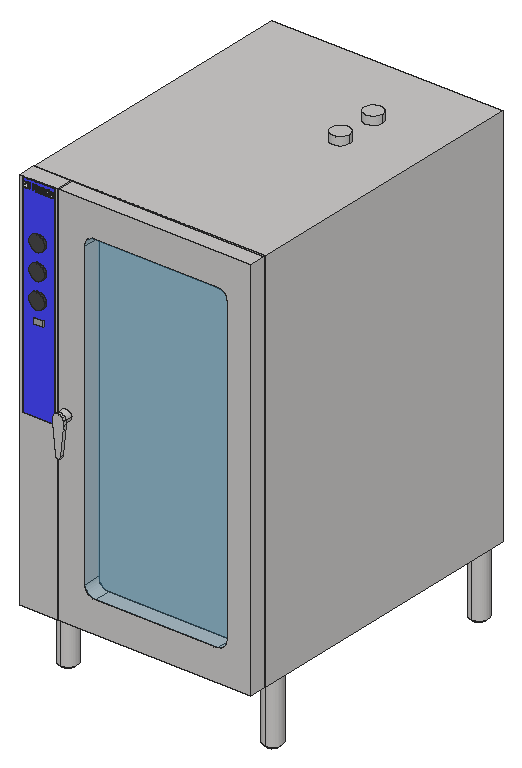
Revit family "QF_ELECTROLUXPROFESSIONAL_260710_ECF202ENS", category Specialty Equipment, Revit 2018
Family settings
  Round Connector Dimension = Use Diameter
  Part Type = Normal
  Work Plane-Based = No
  Always vertical = Yes
  Cut with Voids When Loaded = No
  Shared = No
  Room Calculation Point = No
Parameters
  Weight = 271.40 kg
  Watts = 0 W
  Volts = 0 V
  URL Manufacturer = ""
  URL = ""
  Steam Supply Size = 0 mm
  Steam Supply Minimum Pressure = 0.0 Pa
  Steam Supply Maximum Pressure = 0.0 Pa
  Steam Pounds per Hour = 0
  Refrigeration Suction Line Size = 0 mm
  Refrigeration Liquid Line Size = 0 mm
  Refrigerant Compressor Remote = yes
  Manufacturer = ""
  Phase = 0
  Model = ""
  Length Actual = 890 mm  # constant formula
  Item Number = ""
  Hot Water Size = 0 mm
  Height Actual = 1700 mm  # constant formula
  HP = "65.6 HP"
  Gas Size = 0 mm
  Gas KW = 0
  Gas Input Pressure = 0 W
  Direct Waste Size = 25 mm
  Description = ""
  Depth Actual = 1215 mm  # constant formula
  Cycle = 0 Hz
  Condensate Return Size = 0 mm
  Compressed Air Volume = 0.0 L/s
  Compressed Air Size = 0 mm
  Compressed Air Pressure = 0.0 Pa
  Cold Water Size = 0 mm
  Accessory = yes
Types (2, lengths in mm): name | Volts | URL Manufacturer | URL | Manufacturer | Phase | Model | Item Number | Description | Cycle | Cold Water Size
  (no name) | 0 V | "" | "" | "" | 0 | "" | "" | "" | 0 Hz | 0
  Standard | 380 V | "http://professional.electrolux.com" | "http://professional.electrolux.com" | "Electrolux Professional" | 3 | "ECF202ENS" | "260710" | "EL.CONVECTION OVEN 20 GN 2/1,CROSS-WISE-60HZ" | 60 Hz | 19.05
Reference planes
  plane 1 "Center (Front/Back)": y = 295
  plane 2: z = 0
  plane 3 "Center (Left/Right)": x = 0
  plane 4 "TOP": z = 1750
  plane 5 "FRONT": y = -312.5
  plane 6 "BACK": y = 902.5
  plane 7 "LEFT": x = -445
  plane 8 "RIGHT": x = 445
  plane 9 "BASE": z = 260
  plane 10: y = -247.5
  plane 11 "DrainX": y = 687.5
  plane 12 "DrainY": x = -110
  plane 13 "CWI_Y": x = -360
  plane 14 "CWI_X": y = 302.5
  plane 15 "FbY": y = 852.5
  plane 16 "FfY": y = -143.5
  plane 17 "FLr": x = 395
  plane 18 "FLx": x = -395
  plane 19 "EIy": x = -360
  plane 20 "EIx": y = -67.5
  plane 21: x = 175
  plane 22: y = 617.5
  plane 23: y = 457.5
Forms (mm)
  Extrusion 1, solid, material "QF_Finishes_Stainless Steel"
    sketch origin (0, 0, 0) x (1, 0, 0) y (0, 1, 0)
      loop
        line (-445, 902.5) -> (-445, -240.5) -> (445, -240.5) -> (445, 902.5) -> (-445, 902.5)
    from 260 to 1750
  Extrusion 2, solid, material "QF_Finishes_Stainless Steel"
    sketch origin (0, 0, 260) x (-1, 0, 0) y (0, -1, 0)
      loop
        circle (360, 67.73) r 10
    from 0 to -3.2
  Extrusion 3, void
    sketch origin (0, 902.5, 0) x (-1, 0, 0) y (0, 0, 1)
      loop
        line (385, 1700) -> (-385, 1700) -> (-385, 343.452) -> (385, 343.452) -> (385, 1700)
    from -59 to -900
  Extrusion 4, solid, material "QF_Finishes_Stainless Steel"
    sketch origin (0, 0, 260) x (-1, 0, 0) y (0, -1, 0)
      loop
        circle (110, -687.5) r 16.5
    from -2 to 0
  Extrusion 5, solid, material "QF_Finishes_Stainless Steel"
    sketch origin (0, 0, 260) x (-1, 0, 0) y (0, -1, 0)
      loop
        circle (360, -302.5) r 16.5
    from -2 to 0
  Extrusion 6, solid, material "QF_Finishes_Stainless Steel"
    sketch origin (0, 0, 260) x (-1, 0, 0) y (0, -1, 0)
      loop
        line (300, 312.5) -> (300, 247.5) -> (445, 247.5) -> (445, 312.5) -> (300, 312.5)
    from 1490 to 0
  Extrusion 7, solid, material "QF_Finishes_Stainless Steel"
    sketch origin (0, 0, 0) x (0, 1, 0) y (-1, 0, 0)
      loop
        circle (852.5, -395) r 25
      loop
        circle (-143.5, -395) r 25
      loop
        circle (-143.5, 395) r 25
      loop
        circle (852.5, 395) r 25
    from 10 to 0
  Extrusion 8, solid, material "QF_Finishes_Stainless Steel"
    sketch origin (0, 0, 0) x (0, 1, 0) y (-1, 0, 0)
      loop
        circle (852.5, -395) r 35
      loop
        circle (-143.5, -395) r 35
      loop
        circle (-143.5, 395) r 35
      loop
        circle (852.5, 395) r 35
    from 10 to 260
  Extrusion 9, solid, material "QF_Finishes_Stainless Steel"
    sketch origin (0, 0, 1750) x (-1, 0, 0) y (0, -1, 0)
      loop
        circle (-175, -617.5) r 35
    from 30 to 0
  Extrusion 10, solid, material "QF_Finishes_Black"
    sketch origin (0, -312.5, 0) x (-1, 0, 0) y (0, 0, 1)
      loop
        circle (375, 1540) r 30
      loop
        circle (375, 1440) r 30
      loop
        circle (375, 1340) r 30
    from 0 to -7
  Extrusion 11, solid, material "QF_Finishes_Gray"
    sketch origin (0, -312.5, 660) x (-1, 0, 0) y (0, 0, 1)
      loop
        line (355, 595) -> (390, 595) -> (390, 615) -> (355, 615) -> (355, 595)
    from -1.6 to 0
  Extrusion 12, solid, material "QF_Finishes_White"
    sketch origin (0, -312.5, 0) x (-1, 0, 0) y (0, 0, 1)
      loop
        arc (416.043, 1733.92) -> (408.726, 1724.022) -> (416.043, 1714.125) r 10.352
        line (416.043, 1714.125) -> (416.043, 1733.92)
      loop
        line (417.05, 1733.92) -> (417.05, 1732.486)
        arc (417.05, 1732.486) -> (420.124, 1726.971) -> (425.974, 1724.596) r 9.509
        line (425.974, 1724.596) -> (429.249, 1724.596)
        arc (429.249, 1724.596) -> (425.282, 1732.049) -> (417.05, 1733.92) r 10.145
      loop
        line (417.05, 1715.558) -> (417.05, 1713.871)
        arc (417.05, 1713.871) -> (425.289, 1715.935) -> (429.249, 1723.449) r 10.411
        line (429.249, 1723.449) -> (425.974, 1723.449)
        arc (425.974, 1723.449) -> (420.124, 1721.074) -> (417.05, 1715.558) r 9.509
      loop
        line (430, 1735) -> (407.97, 1735) -> (407.97, 1713) -> (430, 1713) -> (430, 1735)
    from 0 to -1.6
  Extrusion 13, solid, material "QF_Finishes_Stainless Steel"
    sketch origin (20, -312.5, 185) x (-1, 0, 0) y (0, 0, 1)
      loop
        circle (287.5, 795) r 20
    from 0 to -28
  Extrusion 14, solid, material "QF_Finishes_Stainless Steel"
    sketch origin (15, -312.5, 185) x (-1, 0, 0) y (0, 0, 1)
      loop
        arc (302.5, 795) -> (282.5, 815) -> (262.5, 795) r 20
        line (262.5, 795) -> (262.5, 780) -> (272.087, 670.419)
        arc (272.087, 670.419) -> (282.5, 660.006) -> (292.913, 670.419) r 10.413
        line (292.913, 670.419) -> (302.5, 780) -> (302.5, 795)
    from -28 to -38
  Extrusion 15, solid, material "Glass"
    sketch origin (1, -312.5, 0) x (-1, 0, 0) y (0, 0, 1)
      loop
        line (-314, 380) -> (156, 380)
        arc (156, 380) -> (184.284, 391.716) -> (196, 420) r 40
        line (196, 420) -> (196, 1590)
        arc (196, 1590) -> (184.284, 1618.284) -> (156, 1630) r 40
        line (156, 1630) -> (-314, 1630)
        arc (-314, 1630) -> (-342.284, 1618.284) -> (-354, 1590) r 40
        line (-354, 1590) -> (-354, 420)
        arc (-354, 420) -> (-342.284, 391.716) -> (-314, 380) r 40
    from 1.6 to 0
  Extrusion 16, solid, material "Glass"
    sketch origin (1, -312.5, 0) x (-1, 0, 0) y (0, 0, 1)
      loop
        line (-314, 380) -> (156, 380)
        arc (156, 380) -> (184.284, 391.716) -> (196, 420) r 40
        line (196, 420) -> (196, 1590)
        arc (196, 1590) -> (184.284, 1618.284) -> (156, 1630) r 40
        line (156, 1630) -> (-314, 1630)
        arc (-314, 1630) -> (-342.284, 1618.284) -> (-354, 1590) r 40
        line (-354, 1590) -> (-354, 420)
        arc (-354, 420) -> (-342.284, 391.716) -> (-314, 380) r 40
    from 65 to 63
  Extrusion 17, solid, material "QF_Finishes_Stainless Steel"
    sketch origin (-18, -312.5, 0) x (-1, 0, 0) y (0, 0, 1)
      loop
        line (-463, 1750) -> (-463, 260) -> (282, 260) -> (282, 1750) -> (-463, 1750)
      loop
        line (-373, 1590) -> (-373, 420)
        arc (-373, 420) -> (-361.284, 391.716) -> (-333, 380) r 40
        line (-333, 380) -> (137, 380)
        arc (137, 380) -> (165.284, 391.716) -> (177, 420) r 40
        line (177, 420) -> (177, 1590)
        arc (177, 1590) -> (165.284, 1618.284) -> (137, 1630) r 40
        line (137, 1630) -> (-333, 1630)
        arc (-333, 1630) -> (-361.284, 1618.284) -> (-373, 1590) r 40
    from 65 to 0
  Extrusion 18, solid, material "QF_Finishes_Stainless Steel"
    sketch origin (0, -160, 1750) x (-1, 0, 0) y (0, -1, 0)
      loop
        circle (-175, -617.5) r 35
    from 30 to 0
  Extrusion 19, void
    sketch origin (0.5, -312.5, 80) x (-1, 0, 0) y (0, 0, 1)
      loop
        line (435.5, 853) -> (435.5, 1667) -> (310.5, 1667) -> (310.5, 853) -> (435.5, 853)
    from 0 to 5
  Extrusion 20, solid, material "QF_Finishes_Blue"
    sketch origin (0, -312.5, 0) x (-1, 0, 0) y (0, 0, 1)
      loop
        line (435, 933) -> (435, 1747) -> (310, 1747) -> (310, 933) -> (435, 933)
    from 5 to 0
  Extrusion 21, solid, material "QF_Finishes_White"
    sketch origin (0, -312.5, 80) x (-1, 0, 0) y (0, 0, 1)
      loop
        line (383.252, 1654.787) -> (383.252, 1652.843) -> (393.622, 1652.843) -> (393.622, 1650.005) -> (383.574, 1650.005) -> (383.574, 1648.055) -> (393.622, 1648.055) -> (393.622, 1646.338)
        arc (393.622, 1646.338) -> (393.097, 1645.146) -> (391.863, 1644.729) r 1.615
        line (391.863, 1644.729) -> (383.108, 1644.729) -> (383.108, 1642.787) -> (392.347, 1642.787)
        arc (392.347, 1642.787) -> (394.71, 1643.765) -> (395.688, 1646.128) r 3.341
        line (395.688, 1646.128) -> (395.688, 1654.787) -> (383.252, 1654.787)
      loop
        line (381.64, 1654.787) -> (379.573, 1654.787) -> (379.573, 1642.787) -> (381.64, 1642.787) -> (381.64, 1654.787)
      loop
        line (336.748, 1654.787) -> (334.68, 1654.787) -> (334.68, 1642.787) -> (336.748, 1642.787) -> (336.748, 1654.787)
      loop
        arc (376.155, 1646.619) -> (375.764, 1645.308) -> (374.625, 1644.549) r 2.013
        arc (374.625, 1644.549) -> (372.758, 1644.387) -> (371.151, 1645.352) r 3.039
        line (371.151, 1645.352) -> (369.926, 1644.127)
        arc (369.926, 1644.127) -> (371.817, 1642.854) -> (374.072, 1642.522) r 5.15
        arc (374.072, 1642.522) -> (376.969, 1643.722) -> (378.169, 1646.619) r 4.097
        arc (378.169, 1646.619) -> (377.257, 1650.083) -> (374.062, 1651.704) r 4.373
        arc (374.062, 1651.704) -> (370.433, 1650.345) -> (369.372, 1646.619) r 4.298
        line (369.372, 1646.619) -> (376.155, 1646.619)
      loop
        arc (376.103, 1648.072) -> (375.193, 1649.521) -> (373.538, 1649.953) r 2.321
        arc (373.538, 1649.953) -> (372.102, 1649.447) -> (371.449, 1648.072) r 1.983
        line (371.449, 1648.072) -> (376.103, 1648.072)
      loop
        arc (361.315, 1648.937) -> (362.979, 1649.847) -> (364.853, 1649.561) r 2.961
        arc (364.853, 1649.561) -> (366.024, 1648.32) -> (366.163, 1646.619) r 2.578
        arc (366.163, 1646.619) -> (364.167, 1644.468) -> (361.381, 1645.39) r 2.714
        line (361.381, 1645.39) -> (360.09, 1644.099)
        arc (360.09, 1644.099) -> (365.554, 1642.969) -> (368.223, 1647.869) r 4.684
        arc (368.223, 1647.869) -> (366.639, 1650.663) -> (363.623, 1651.765) r 4.652
        arc (363.623, 1651.765) -> (361.645, 1651.413) -> (360.017, 1650.235) r 4.497
        line (360.017, 1650.235) -> (361.315, 1648.937)
      loop
        line (358.748, 1654.787) -> (356.681, 1654.787) -> (356.681, 1651.466) -> (354.803, 1651.466) -> (354.803, 1649.588) -> (356.681, 1649.588) -> (356.681, 1646.619)
        arc (356.681, 1646.619) -> (356.503, 1645.669) -> (355.838, 1644.966) r 1.713
        arc (355.838, 1644.966) -> (355.32, 1644.761) -> (354.765, 1644.718) r 1.862
        line (354.765, 1644.718) -> (354.765, 1642.782)
        arc (354.765, 1642.782) -> (356.633, 1643.028) -> (358.109, 1644.201) r 3.531
        arc (358.109, 1644.201) -> (358.569, 1645.356) -> (358.748, 1646.587) r 5.301
        line (358.748, 1646.587) -> (358.748, 1654.787)
      loop
        line (351.014, 1647.349) -> (351.014, 1642.787) -> (353.064, 1642.787) -> (353.064, 1651.466) -> (351.014, 1651.466) -> (351.014, 1650.215)
        arc (351.014, 1650.215) -> (349.628, 1651.404) -> (347.81, 1651.575) r 3.016
        line (347.81, 1651.575) -> (347.81, 1649.588)
        arc (347.81, 1649.588) -> (349.202, 1649.617) -> (350.44, 1648.981) r 2.84
        arc (350.44, 1648.981) -> (350.866, 1648.214) -> (351.014, 1647.349) r 2.607
      loop
        circle (342.756, 1647.125) r 4.599
      loop
        circle (342.756, 1647.125) r 2.787
      loop
        line (327.225, 1646.401) -> (327.225, 1651.466) -> (325.141, 1651.466) -> (325.141, 1646.314)
        arc (325.141, 1646.314) -> (326.296, 1643.554) -> (329.12, 1642.567) r 3.675
        arc (329.12, 1642.567) -> (331.913, 1643.525) -> (333.099, 1646.229) r 3.675
        line (333.099, 1646.229) -> (333.099, 1651.466) -> (331.015, 1651.466) -> (331.015, 1646.401)
        arc (331.015, 1646.401) -> (330.504, 1644.998) -> (329.12, 1644.439) r 1.835
        arc (329.12, 1644.439) -> (327.735, 1644.998) -> (327.225, 1646.401) r 1.835
      loop
        line (323.892, 1651.466) -> (321.656, 1651.466) -> (319.784, 1648.889) -> (317.883, 1651.466) -> (315.627, 1651.466) -> (318.599, 1647.438) -> (315.348, 1642.784) -> (317.556, 1642.784) -> (319.777, 1645.841) -> (321.966, 1642.784) -> (324.188, 1642.784) -> (320.89, 1647.391) -> (323.892, 1651.466)
      loop
        arc (394.526, 1637.812) -> (393.16, 1636.566) -> (394.275, 1635.091) r 1.372
        line (394.275, 1635.091) -> (395.272, 1635.091) -> (395.272, 1633.662) -> (396.174, 1633.662) -> (396.174, 1637.812) -> (394.526, 1637.812)
      loop
        line (394.314, 1635.907) -> (395.272, 1635.907) -> (395.272, 1636.974) -> (394.314, 1636.974)
        arc (394.314, 1636.974) -> (393.973, 1636.44) -> (394.314, 1635.907) r 0.587
      loop
        arc (383.014, 1637.812) -> (382.056, 1637.422) -> (381.644, 1636.474) r 1.37
        arc (381.644, 1636.474) -> (381.775, 1635.879) -> (382.167, 1635.412) r 1.281
        line (382.167, 1635.412) -> (381.35, 1633.662) -> (382.319, 1633.662) -> (382.916, 1635.091) -> (383.788, 1635.091) -> (383.788, 1633.662) -> (384.69, 1633.662) -> (384.69, 1637.812) -> (383.014, 1637.812)
      loop
        line (383.788, 1636.974) -> (382.831, 1636.974)
        arc (382.831, 1636.974) -> (382.489, 1636.44) -> (382.831, 1635.907) r 0.587
        line (382.831, 1635.907) -> (383.788, 1635.907) -> (383.788, 1636.974)
      loop
        circle (376.052, 1635.737) r 2.156
      loop
        circle (376.052, 1635.737) r 1.368
      loop
        line (370.353, 1637.812) -> (367.762, 1637.812) -> (367.762, 1636.918) -> (369.473, 1636.918) -> (369.473, 1636.042) -> (367.911, 1636.042) -> (367.911, 1635.112) -> (369.473, 1635.112) -> (369.473, 1633.662) -> (370.353, 1633.662) -> (370.353, 1637.812)
      loop
        line (364.262, 1637.812) -> (361.635, 1637.812) -> (361.635, 1637.028) -> (363.409, 1637.028) -> (363.409, 1636.211) -> (361.75, 1636.211) -> (361.75, 1635.427) -> (363.409, 1635.427)
        arc (363.409, 1635.427) -> (363.318, 1634.832) -> (362.854, 1634.449) r 0.845
        line (362.854, 1634.449) -> (361.595, 1634.449) -> (361.595, 1633.665) -> (362.934, 1633.665)
        arc (362.934, 1633.665) -> (363.879, 1634.06) -> (364.262, 1635.01) r 1.327
        line (364.262, 1635.01) -> (364.262, 1637.812)
      loop
        line (349.233, 1637.286) -> (349.707, 1636.664)
        arc (349.707, 1636.664) -> (350.069, 1636.985) -> (350.54, 1637.098) r 0.998
        arc (350.54, 1637.098) -> (350.933, 1636.785) -> (350.661, 1636.362) r 0.375
        arc (350.661, 1636.362) -> (350.19, 1636.186) -> (349.731, 1635.981) r 8.236
        arc (349.731, 1635.981) -> (349.369, 1635.744) -> (349.085, 1635.417) r 1.564
        arc (349.085, 1635.417) -> (348.953, 1634.706) -> (349.208, 1634.03) r 1.349
        arc (349.208, 1634.03) -> (349.784, 1633.724) -> (350.423, 1633.596) r 2.246
        arc (350.423, 1633.596) -> (350.94, 1633.648) -> (351.418, 1633.852) r 1.719
        arc (351.418, 1633.852) -> (351.84, 1634.233) -> (352.101, 1634.738) r 1.595
        line (352.101, 1634.738) -> (351.375, 1635.076)
        arc (351.375, 1635.076) -> (351.169, 1634.715) -> (350.832, 1634.472) r 0.983
        arc (350.832, 1634.472) -> (350.441, 1634.373) -> (350.049, 1634.466) r 0.846
        arc (350.049, 1634.466) -> (349.838, 1634.889) -> (350.144, 1635.25) r 0.43
        arc (350.144, 1635.25) -> (350.63, 1635.485) -> (351.141, 1635.655) r 4.201
        arc (351.141, 1635.655) -> (351.748, 1636.382) -> (351.651, 1637.325) r 1.217
        arc (351.651, 1637.325) -> (351.122, 1637.723) -> (350.479, 1637.881) r 1.645
        arc (350.479, 1637.881) -> (349.783, 1637.737) -> (349.233, 1637.286) r 1.485
      loop
        line (345.426, 1637.812) -> (344.573, 1637.812) -> (344.573, 1633.665) -> (345.426, 1633.665) -> (345.426, 1637.812)
      loop
        circle (338.824, 1635.739) r 1.29
      loop
        circle (338.824, 1635.739) r 2.154
      loop
        line (333.103, 1633.665) -> (333.103, 1637.812) -> (332.273, 1637.812) -> (330.376, 1635.126) -> (330.376, 1637.812) -> (329.515, 1637.812) -> (329.515, 1633.665) -> (330.344, 1633.665) -> (332.241, 1636.273) -> (332.241, 1633.665) -> (333.103, 1633.665)
      loop
        line (325.216, 1633.665) -> (326.131, 1633.665) -> (324.509, 1637.812) -> (323.709, 1637.812) -> (321.957, 1633.665) -> (322.874, 1633.665) -> (323.278, 1634.56) -> (324.812, 1634.56) -> (325.216, 1633.665)
      loop
        line (323.66, 1635.411) -> (324.47, 1635.411) -> (324.071, 1636.322) -> (323.66, 1635.411)
      loop
        line (317.722, 1634.449) -> (316.127, 1634.449) -> (316.127, 1633.665) -> (318.575, 1633.665) -> (318.575, 1637.812) -> (317.722, 1637.812) -> (317.722, 1634.449)
      loop
        line (355.451, 1637.286) -> (355.925, 1636.664)
        arc (355.925, 1636.664) -> (356.287, 1636.985) -> (356.757, 1637.098) r 0.998
        arc (356.757, 1637.098) -> (357.15, 1636.785) -> (356.878, 1636.362) r 0.375
        arc (356.878, 1636.362) -> (356.408, 1636.186) -> (355.949, 1635.981) r 8.236
        arc (355.949, 1635.981) -> (355.586, 1635.744) -> (355.302, 1635.417) r 1.564
        arc (355.302, 1635.417) -> (355.171, 1634.706) -> (355.425, 1634.03) r 1.349
        arc (355.425, 1634.03) -> (356.001, 1633.724) -> (356.641, 1633.596) r 2.246
        arc (356.641, 1633.596) -> (357.158, 1633.648) -> (357.636, 1633.852) r 1.719
        arc (357.636, 1633.852) -> (358.057, 1634.233) -> (358.319, 1634.738) r 1.595
        line (358.319, 1634.738) -> (357.593, 1635.076)
        arc (357.593, 1635.076) -> (357.386, 1634.715) -> (357.049, 1634.472) r 0.983
        arc (357.049, 1634.472) -> (356.659, 1634.373) -> (356.267, 1634.466) r 0.846
        arc (356.267, 1634.466) -> (356.055, 1634.889) -> (356.362, 1635.25) r 0.43
        arc (356.362, 1635.25) -> (356.847, 1635.485) -> (357.358, 1635.655) r 4.201
        arc (357.358, 1635.655) -> (357.966, 1636.382) -> (357.868, 1637.325) r 1.217
        arc (357.868, 1637.325) -> (357.34, 1637.723) -> (356.697, 1637.881) r 1.645
        arc (356.697, 1637.881) -> (356, 1637.737) -> (355.451, 1637.286) r 1.485
    from -1.6 to 0
Cuts and joins
  Extrusion 3 cuts Extrusion 1
  Extrusion 19 cuts Extrusion 6
Lines and regions (mm)
  symbolic lines
    curve 1: line (445, 902.5, 1750) -> (-445, 902.5, 1750)
    curve 2: line (-445, 902.5, 1750) -> (-445, -240.5, 1750)
    curve 3: line (445, -240.5, 1750) -> (445, 902.5, 1750)
    curve 4: circle (175, 617.5, 1750) r 35 normal (0, 0, 1)
    curve 5: line (-445, -240.5, 1750) -> (445, -240.5, 1750)
    curve 6: line (-445, -247.5, 1750) -> (-445, -312.5, 1750)
    curve 7: line (-300, -247.5, 1750) -> (-445, -247.5, 1750)
    curve 8: line (-445, -312.5, 1750) -> (-300, -312.5, 1750)
    curve 9: line (-405, -319.5, 1750) -> (-340, -319.5, 1750)
    curve 10: line (-247.5, -340.5, 1670) -> (-247.5, -312.5, 1670)
    curve 11: line (-247.5, -340.5, 1670) -> (-287.5, -340.5, 1670)
    curve 12: line (-287.5, -350.5, 1670) -> (-247.5, -350.5, 1670)
    curve 13: line (-247.5, -350.5, 1670) -> (-247.5, -340.5, 1670)
    curve 14: line (-300, -312.5, 1670) -> (446, -312.5, 1670)
    curve 15: line (446, -312.5, 1670) -> (446, -247.5, 1670)
    curve 16: line (446, -247.5, 1670) -> (-300, -247.5, 1670)
    curve 17: line (-300, -247.5, 1670) -> (-300, -312.5, 1670)
    curve 18: line (-287.5, -350.5, 1670) -> (-287.5, -312.5, 1670)
    curve 19: line (-405, -319.5, 1750) -> (-405, -312.5, 1750)
    curve 20: line (-340, -319.5, 1750) -> (-340, -312.5, 1750)
    curve 21: circle (175, 457.5, 1750) r 35 normal (0, 0, 1)
Dimensions and locks
  equal spacing: plane 7 "LEFT", plane 3 "Center (Left/Right)", plane 8 "RIGHT"
  plane 7 "LEFT" to plane 8 "RIGHT" = 890 mm
  plane 6 "BACK" to plane 5 "FRONT" = 1215 mm
  locked: plane 4 "TOP" to plane 2 at 1750
  equal spacing: plane 8 "RIGHT", plane 3 "Center (Left/Right)", plane 7 "LEFT"
  plane 8 "RIGHT" to plane 7 "LEFT" = 890 mm
  plane 7 "LEFT" to plane 12 "DrainY" = 335 mm
  locked: plane 6 "BACK" to plane 11 "DrainX" at 215
  plane 7 "LEFT" to plane 13 "CWI_Y" = 85 mm  (x2)
  plane 6 "BACK" to plane 14 "CWI_X" = 600 mm
  locked: plane 7 "LEFT" to plane 18 "FLx" at 50
  locked: plane 17 "FLr" to plane 8 "RIGHT" at 50
  locked: plane 6 "BACK" to plane 15 "FbY" at 50
  locked: plane 16 "FfY" to plane 5 "FRONT" at 169
  plane 7 "LEFT" to plane 19 "EIy" = 85 mm
  locked: plane 6 "BACK" to plane 20 "EIx" at 970
  locked: plane 10 to plane 5 "FRONT" at 65
  plane 21 to plane 8 "RIGHT" = 270 mm
  locked: plane 6 "BACK" to plane 22 at 285
  locked: plane 22 to plane 23 at 160
  aligned and locked: level to plane 2
  aligned and locked: plane 4 "TOP" to cut or joined group of Extrusion 1, Extrusion 3
  aligned and locked: cut or joined group of Extrusion 1, Extrusion 3 to plane 9 "BASE"
  aligned and locked: cut or joined group of Extrusion 1, Extrusion 3 to plane 7 "LEFT"
  aligned and locked: cut or joined group of Extrusion 1, Extrusion 3 to plane 8 "RIGHT"
  aligned and locked: plane 6 "BACK" to cut or joined group of Extrusion 1, Extrusion 3
Automatic sketch dimensions
  Extrusion 4 sketch curve to plane 11 "DrainX" = 0 mm
  Extrusion 4 sketch curve to plane 12 "DrainY" = 0 mm
  Extrusion 5 sketch curve to plane 13 "CWI_Y" = 0 mm
  Extrusion 5 sketch curve to plane 14 "CWI_X" = 0 mm
  Extrusion 7 sketch curve to plane 16 "FfY" = 0 mm  (x2)
  Extrusion 7 sketch curve to plane 15 "FbY" = 0 mm  (x2)
  Extrusion 7 sketch curve to plane 17 "FLr" = 0 mm  (x2)
  Extrusion 7 sketch curve to plane 18 "FLx" = 0 mm  (x2)
  Extrusion 8 sketch curve to plane 16 "FfY" = 0 mm  (x2)
  Extrusion 8 sketch curve to plane 15 "FbY" = 0 mm  (x2)
  Extrusion 8 sketch curve to plane 17 "FLr" = 0 mm  (x2)
  Extrusion 8 sketch curve to plane 18 "FLx" = 0 mm  (x2)
  Extrusion 9 sketch curve to plane 21 = 0 mm
  Extrusion 9 sketch curve to plane 22 = 0 mm
  Extrusion 18 sketch curve to plane 21 = 0 mm
  Extrusion 18 sketch curve to plane 23 = 0 mm
  Extrusion 2 sketch curve to plane 19 "EIy" = 0 mm
  Extrusion 2 sketch curve to plane 20 "EIx" = 0.23 mm
  Extrusion 1 sketch curve to plane 7 "LEFT" = 0 mm
  Extrusion 1 sketch curve to plane 8 "RIGHT" = 0 mm
  Extrusion 1 sketch curve to plane 6 "BACK" = 0 mm
  Extrusion 1 sketch curve to plane 10 = 7 mm
  Extrusion 3 sketch curve to plane 17 "FLr" = 10 mm
  plane 18 "FLx" to Extrusion 3 sketch curve = 10 mm
  plane 9 "BASE" to Extrusion 3 sketch curve = 83.452 mm
  Extrusion 3 sketch curve to plane 4 "TOP" = 50 mm
  plane 10 to Extrusion 6 sketch curve = 0 mm
  Extrusion 6 sketch curve to plane 5 "FRONT" = 0 mm
  Extrusion 6 sketch curve to plane 7 "LEFT" = 0 mm
  plane 13 "CWI_Y" to Extrusion 6 sketch curve = 60 mm
  plane 18 "FLx" to Extrusion 10 sketch curve = 20 mm  (x3)
  Extrusion 10 sketch curve to plane 4 "TOP" = 410 mm
  Extrusion 10 sketch curve to Extrusion 10 sketch curve = 100 mm  (x2)
  plane 13 "CWI_Y" to Extrusion 11 sketch curve = 5 mm
  plane 18 "FLx" to Extrusion 11 sketch curve = 5 mm
  Extrusion 11 sketch curve to plane 4 "TOP" = 495 mm
  Extrusion 11 sketch curve to Extrusion 11 sketch curve = 20 mm
  Extrusion 12 sketch curve to plane 18 "FLx" = 12.97 mm
  Extrusion 12 sketch curve to Extrusion 12 sketch curve = 8.073 mm
  Extrusion 12 sketch curve to Extrusion 12 sketch curve = 1.007 mm  (x2)
  Extrusion 12 sketch curve to Extrusion 12 sketch curve = 1.81 mm
  Extrusion 12 sketch curve to Extrusion 12 sketch curve = 0.219 mm
  Extrusion 12 sketch curve to Extrusion 12 sketch curve = 0.043 mm
  Extrusion 12 sketch curve to Extrusion 12 sketch curve = 6.852 mm
  Extrusion 12 sketch curve to Extrusion 12 sketch curve = 0 mm  (x2)
  Extrusion 12 sketch curve to Extrusion 12 sketch curve = 9.372 mm  (x2)
  Extrusion 12 sketch curve to Extrusion 12 sketch curve = 3.275 mm
  Extrusion 12 sketch curve to Extrusion 12 sketch curve = 3.578 mm
  Extrusion 12 sketch curve to plane 4 "TOP" = 37 mm
  Extrusion 12 sketch curve to Extrusion 12 sketch curve = 0.871 mm
  Extrusion 12 sketch curve to Extrusion 12 sketch curve = 0.95 mm
  Extrusion 12 sketch curve to Extrusion 12 sketch curve = 0.254 mm
  Extrusion 12 sketch curve to Extrusion 12 sketch curve = 1.688 mm
  Extrusion 12 sketch curve to Extrusion 12 sketch curve = 0.135 mm
  Extrusion 12 sketch curve to Extrusion 12 sketch curve = 0.034 mm
  Extrusion 12 sketch curve to Extrusion 12 sketch curve = 1.148 mm
  Extrusion 12 sketch curve to Extrusion 12 sketch curve = 1.433 mm
  Extrusion 12 sketch curve to Extrusion 12 sketch curve = 1.08 mm
  plane 13 "CWI_Y" to Extrusion 13 sketch curve = 92.5 mm
  plane 9 "BASE" to Extrusion 13 sketch curve = 720 mm
  plane 13 "CWI_Y" to Extrusion 14 sketch curve = 112.5 mm
  plane 13 "CWI_Y" to Extrusion 14 sketch curve = 102.913 mm
  Extrusion 14 sketch curve to Extrusion 14 sketch curve = 10.413 mm
  Extrusion 14 sketch curve to Extrusion 14 sketch curve = 20 mm
  plane 9 "BASE" to Extrusion 14 sketch curve = 595.419 mm
  Extrusion 14 sketch curve to Extrusion 14 sketch curve = 109.581 mm
  Extrusion 14 sketch curve to Extrusion 14 sketch curve = 0 mm
  Extrusion 14 sketch curve to Extrusion 14 sketch curve = 15 mm
  plane 21 to Extrusion 15 sketch curve = 180 mm
  plane 21 to Extrusion 15 sketch curve = 140 mm  (x2)
  Extrusion 15 sketch curve to plane 12 "DrainY" = 45 mm  (x2)
  Extrusion 15 sketch curve to Extrusion 15 sketch curve = 40 mm
  plane 9 "BASE" to Extrusion 15 sketch curve = 120 mm
  Extrusion 15 sketch curve to plane 4 "TOP" = 160 mm
  plane 21 to Extrusion 16 sketch curve = 180 mm
  plane 21 to Extrusion 16 sketch curve = 140 mm  (x2)
  Extrusion 16 sketch curve to plane 12 "DrainY" = 45 mm  (x2)
  Extrusion 16 sketch curve to Extrusion 16 sketch curve = 40 mm
  plane 9 "BASE" to Extrusion 16 sketch curve = 120 mm
  Extrusion 16 sketch curve to plane 4 "TOP" = 160 mm
  plane 10 to curve 15 = 0 mm
  curve 14 to plane 8 "RIGHT" = 1 mm
  curve 12 to plane 5 "FRONT" = 38 mm
  plane 13 "CWI_Y" to curve 12 = 112.5 mm
  curve 12 to curve 12 = 40 mm
  curve 18 to curve 17 = 12.5 mm
  curve 10 to curve 12 = 10 mm
  plane 13 "CWI_Y" to Extrusion 19 sketch curve = 50 mm
  plane 7 "LEFT" to Extrusion 19 sketch curve = 10 mm
  plane 9 "BASE" to Extrusion 19 sketch curve = 673 mm
  Extrusion 19 sketch curve to plane 4 "TOP" = 3 mm
  plane 13 "CWI_Y" to Extrusion 20 sketch curve = 50 mm
  plane 7 "LEFT" to Extrusion 20 sketch curve = 10 mm
  plane 9 "BASE" to Extrusion 20 sketch curve = 673 mm
  Extrusion 20 sketch curve to plane 4 "TOP" = 3 mm
  Extrusion 21 sketch curve to Extrusion 21 sketch curve = 0 mm  (x39)
  plane 13 "CWI_Y" to Extrusion 21 sketch curve = 44.652 mm
  Extrusion 21 sketch curve to Extrusion 21 sketch curve = 0.278 mm
  Extrusion 21 sketch curve to Extrusion 21 sketch curve = 0.779 mm
  Extrusion 21 sketch curve to Extrusion 21 sketch curve = 2.208 mm
  Extrusion 21 sketch curve to Extrusion 21 sketch curve = 1.595 mm
  Extrusion 21 sketch curve to Extrusion 21 sketch curve = 2.256 mm
  Extrusion 21 sketch curve to Extrusion 21 sketch curve = 0.853 mm  (x3)
  Extrusion 21 sketch curve to Extrusion 21 sketch curve = 0.716 mm
  Extrusion 21 sketch curve to Extrusion 21 sketch curve = 1.178 mm
  Extrusion 21 sketch curve to Extrusion 21 sketch curve = 1.185 mm
  Extrusion 21 sketch curve to Extrusion 21 sketch curve = 1.106 mm
  Extrusion 21 sketch curve to Extrusion 21 sketch curve = 1.872 mm
  Extrusion 21 sketch curve to Extrusion 21 sketch curve = 3.383 mm
  Extrusion 21 sketch curve to Extrusion 21 sketch curve = 2.189 mm
  Extrusion 21 sketch curve to Extrusion 21 sketch curve = 0.917 mm
  Extrusion 21 sketch curve to Extrusion 21 sketch curve = 0.404 mm  (x2)
  Extrusion 21 sketch curve to Extrusion 21 sketch curve = 0.383 mm
  Extrusion 21 sketch curve to Extrusion 21 sketch curve = 0.049 mm  (x2)
  Extrusion 21 sketch curve to Extrusion 21 sketch curve = 2.236 mm
  Extrusion 21 sketch curve to Extrusion 21 sketch curve = 0.411 mm
  Extrusion 21 sketch curve to Extrusion 21 sketch curve = 2.222 mm
  Extrusion 21 sketch curve to Extrusion 21 sketch curve = 0.81 mm
  Extrusion 21 sketch curve to Extrusion 21 sketch curve = 0.8 mm
  Extrusion 21 sketch curve to Extrusion 21 sketch curve = 0.341 mm
  Extrusion 21 sketch curve to Extrusion 21 sketch curve = 1.249 mm
  Extrusion 21 sketch curve to Extrusion 21 sketch curve = 0.916 mm
  Extrusion 21 sketch curve to Extrusion 21 sketch curve = 2.084 mm
  Extrusion 21 sketch curve to Extrusion 21 sketch curve = 1.59 mm  (x2)
  Extrusion 21 sketch curve to Extrusion 21 sketch curve = 0.24 mm  (x2)
  Extrusion 21 sketch curve to Extrusion 21 sketch curve = 0.129 mm
  Extrusion 21 sketch curve to Extrusion 21 sketch curve = 5.006 mm
  Extrusion 21 sketch curve to Extrusion 21 sketch curve = 0.829 mm  (x2)
  Extrusion 21 sketch curve to Extrusion 21 sketch curve = 0.033 mm
  Extrusion 21 sketch curve to Extrusion 21 sketch curve = 1.865 mm
  Extrusion 21 sketch curve to Extrusion 21 sketch curve = 0.032 mm  (x3)
  Extrusion 21 sketch curve to Extrusion 21 sketch curve = 2.085 mm
  Extrusion 21 sketch curve to Extrusion 21 sketch curve = 1.581 mm
  Extrusion 21 sketch curve to Extrusion 21 sketch curve = 2.068 mm
  Extrusion 21 sketch curve to Extrusion 21 sketch curve = 5.721 mm
  Extrusion 21 sketch curve to Extrusion 21 sketch curve = 6.008 mm
  Extrusion 21 sketch curve to Extrusion 21 sketch curve = 1.817 mm
  Extrusion 21 sketch curve to Extrusion 21 sketch curve = 5.054 mm
  Extrusion 21 sketch curve to Extrusion 21 sketch curve = 0.596 mm
  Extrusion 21 sketch curve to Extrusion 21 sketch curve = 0.639 mm
  Extrusion 21 sketch curve to Extrusion 21 sketch curve = 0.156 mm
  Extrusion 21 sketch curve to Extrusion 21 sketch curve = 3.807 mm
  Extrusion 21 sketch curve to Extrusion 21 sketch curve = 0.474 mm  (x2)
  Extrusion 21 sketch curve to Extrusion 21 sketch curve = 0.558 mm  (x2)
  Extrusion 21 sketch curve to Extrusion 21 sketch curve = 0.1 mm  (x2)
  Extrusion 21 sketch curve to Extrusion 21 sketch curve = 0.709 mm  (x2)
  Extrusion 21 sketch curve to Extrusion 21 sketch curve = 0.006 mm  (x2)
  Extrusion 21 sketch curve to Extrusion 21 sketch curve = 0.137 mm  (x2)
  Extrusion 21 sketch curve to Extrusion 21 sketch curve = 0.005 mm  (x3)
  Extrusion 21 sketch curve to Extrusion 21 sketch curve = 0.073 mm  (x2)
  Extrusion 21 sketch curve to Extrusion 21 sketch curve = 0.114 mm  (x3)
  Extrusion 21 sketch curve to Extrusion 21 sketch curve = 0.008 mm  (x2)
  Extrusion 21 sketch curve to Extrusion 21 sketch curve = 0.14 mm  (x2)
  Extrusion 21 sketch curve to Extrusion 21 sketch curve = 0.066 mm  (x2)
  Extrusion 21 sketch curve to Extrusion 21 sketch curve = 0.022 mm  (x2)
  Extrusion 21 sketch curve to Extrusion 21 sketch curve = 2.564 mm
  Extrusion 21 sketch curve to Extrusion 21 sketch curve = 2.451 mm
  Extrusion 21 sketch curve to Extrusion 21 sketch curve = 0.798 mm  (x2)
  Extrusion 21 sketch curve to Extrusion 21 sketch curve = 0.726 mm  (x2)
  Extrusion 21 sketch curve to Extrusion 21 sketch curve = 0.11 mm
  Extrusion 21 sketch curve to Extrusion 21 sketch curve = 2.05 mm
  Extrusion 21 sketch curve to Extrusion 21 sketch curve = 1.104 mm
  Extrusion 21 sketch curve to Extrusion 21 sketch curve = 2.435 mm
  Extrusion 21 sketch curve to Extrusion 21 sketch curve = 1.316 mm
  Extrusion 21 sketch curve to Extrusion 21 sketch curve = 1.739 mm
  Extrusion 21 sketch curve to Extrusion 21 sketch curve = 1.452 mm
  Extrusion 21 sketch curve to Extrusion 21 sketch curve = 0.075 mm
  Extrusion 21 sketch curve to Extrusion 21 sketch curve = 0.277 mm
  Extrusion 21 sketch curve to Extrusion 21 sketch curve = 3.35 mm
  Extrusion 21 sketch curve to Extrusion 21 sketch curve = 1.877 mm  (x2)
  plane 13 "CWI_Y" to Extrusion 21 sketch curve = 1.571 mm
  plane 13 "CWI_Y" to Extrusion 21 sketch curve = 1.252 mm
  plane 13 "CWI_Y" to Extrusion 21 sketch curve = 0.467 mm
  Extrusion 21 sketch curve to plane 13 "CWI_Y" = 0.017 mm
  Extrusion 21 sketch curve to plane 13 "CWI_Y" = 0.09 mm
  Extrusion 21 sketch curve to plane 13 "CWI_Y" = 1.315 mm
  Extrusion 21 sketch curve to plane 13 "CWI_Y" = 1.381 mm
  Extrusion 21 sketch curve to plane 13 "CWI_Y" = 1.595 mm
  Extrusion 21 sketch curve to plane 13 "CWI_Y" = 1.635 mm
  Extrusion 21 sketch curve to Extrusion 21 sketch curve = 0.155 mm
  Extrusion 21 sketch curve to Extrusion 21 sketch curve = 0.833 mm
  Extrusion 21 sketch curve to Extrusion 21 sketch curve = 0.271 mm
  Extrusion 21 sketch curve to Extrusion 21 sketch curve = 0.08 mm
  Extrusion 21 sketch curve to Extrusion 21 sketch curve = 2.087 mm
  Extrusion 21 sketch curve to Extrusion 21 sketch curve = 0.826 mm
  Extrusion 21 sketch curve to Extrusion 21 sketch curve = 0.475 mm
  Extrusion 21 sketch curve to Extrusion 21 sketch curve = 0.089 mm
  Extrusion 21 sketch curve to Extrusion 21 sketch curve = 0.002 mm  (x3)
  Extrusion 21 sketch curve to Extrusion 21 sketch curve = 0.093 mm
  Extrusion 21 sketch curve to Extrusion 21 sketch curve = 0.085 mm
  Extrusion 21 sketch curve to Extrusion 21 sketch curve = 3.5 mm
  Extrusion 21 sketch curve to Extrusion 21 sketch curve = 0.15 mm
  Extrusion 21 sketch curve to Extrusion 21 sketch curve = 5.704 mm
  Extrusion 21 sketch curve to Extrusion 21 sketch curve = 1.562 mm
  Extrusion 21 sketch curve to Extrusion 21 sketch curve = 0.554 mm
  Extrusion 21 sketch curve to Extrusion 21 sketch curve = 0.88 mm
  Extrusion 21 sketch curve to Extrusion 21 sketch curve = 1.224 mm  (x2)
  Extrusion 21 sketch curve to Extrusion 21 sketch curve = 2.076 mm
  Extrusion 21 sketch curve to Extrusion 21 sketch curve = 1.98 mm
  Extrusion 21 sketch curve to Extrusion 21 sketch curve = 0.012 mm  (x5)
  Extrusion 21 sketch curve to Extrusion 21 sketch curve = 0.151 mm
  Extrusion 21 sketch curve to Extrusion 21 sketch curve = 0.084 mm
  Extrusion 21 sketch curve to Extrusion 21 sketch curve = 0.145 mm
  Extrusion 21 sketch curve to Extrusion 21 sketch curve = 0.262 mm
  Extrusion 21 sketch curve to Extrusion 21 sketch curve = 0.217 mm
  Extrusion 21 sketch curve to Extrusion 21 sketch curve = 0.074 mm
  Extrusion 21 sketch curve to Extrusion 21 sketch curve = 5.699 mm
  Extrusion 21 sketch curve to Extrusion 21 sketch curve = 2.282 mm
  Extrusion 21 sketch curve to Extrusion 21 sketch curve = 0.052 mm  (x2)
  Extrusion 21 sketch curve to Extrusion 21 sketch curve = 3.418 mm
  Extrusion 21 sketch curve to Extrusion 21 sketch curve = 5.299 mm
  Extrusion 21 sketch curve to Extrusion 21 sketch curve = 2.067 mm
  Extrusion 21 sketch curve to Extrusion 21 sketch curve = 0.816 mm
  Extrusion 21 sketch curve to Extrusion 21 sketch curve = 0.968 mm
  Extrusion 21 sketch curve to Extrusion 21 sketch curve = 0.664 mm  (x2)
  Extrusion 21 sketch curve to Extrusion 21 sketch curve = 0.749 mm
  Extrusion 21 sketch curve to Extrusion 21 sketch curve = 0.095 mm
  Extrusion 21 sketch curve to Extrusion 21 sketch curve = 0.088 mm
  Extrusion 21 sketch curve to Extrusion 21 sketch curve = 0.063 mm
  Extrusion 21 sketch curve to Extrusion 21 sketch curve = 1.468 mm
  Extrusion 21 sketch curve to Extrusion 21 sketch curve = 1.612 mm
  Extrusion 21 sketch curve to Extrusion 21 sketch curve = 0.322 mm
  Extrusion 21 sketch curve to Extrusion 21 sketch curve = 0.873 mm
  Extrusion 21 sketch curve to Extrusion 21 sketch curve = 0.712 mm
  Extrusion 21 sketch curve to Extrusion 21 sketch curve = 0.902 mm  (x2)
  plane 18 "FLx" to Extrusion 21 sketch curve = 3.137 mm
  Extrusion 21 sketch curve to Extrusion 21 sketch curve = 0.144 mm
  Extrusion 21 sketch curve to Extrusion 21 sketch curve = 0.484 mm
  plane 18 "FLx" to Extrusion 21 sketch curve = 1.378 mm
  Extrusion 21 sketch curve to Extrusion 21 sketch curve = 1.275 mm
  plane 18 "FLx" to Extrusion 21 sketch curve = 0.725 mm
  plane 18 "FLx" to Extrusion 21 sketch curve = 0.686 mm  (x2)
  plane 18 "FLx" to Extrusion 21 sketch curve = 0.474 mm
  Extrusion 21 sketch curve to Extrusion 21 sketch curve = 0.035 mm
  Extrusion 21 sketch curve to plane 18 "FLx" = 0.272 mm  (x2)
  Extrusion 21 sketch curve to plane 18 "FLx" = 0.688 mm
  Extrusion 21 sketch curve to plane 4 "TOP" = 41.434 mm
  Extrusion 21 sketch curve to Extrusion 21 sketch curve = 3.027 mm  (x2)
  Extrusion 21 sketch curve to Extrusion 21 sketch curve = 5.095 mm
  Extrusion 21 sketch curve to Extrusion 21 sketch curve = 2.072 mm  (x2)
  Extrusion 21 sketch curve to Extrusion 21 sketch curve = 0.784 mm  (x3)
  Extrusion 21 sketch curve to Extrusion 21 sketch curve = 0.895 mm
  Extrusion 21 sketch curve to Extrusion 21 sketch curve = 2.972 mm  (x2)
  Extrusion 21 sketch curve to Extrusion 21 sketch curve = 0.172 mm  (x4)
  Extrusion 21 sketch curve to Extrusion 21 sketch curve = 0.259 mm  (x2)
  Extrusion 21 sketch curve to Extrusion 21 sketch curve = 0.543 mm
  Extrusion 21 sketch curve to Extrusion 21 sketch curve = 0.338 mm  (x2)
  Extrusion 21 sketch curve to Extrusion 21 sketch curve = 1.429 mm  (x2)
  Extrusion 21 sketch curve to Extrusion 21 sketch curve = 1.451 mm
  Extrusion 21 sketch curve to Extrusion 21 sketch curve = 1.461 mm
  Extrusion 21 sketch curve to Extrusion 21 sketch curve = 0.382 mm  (x2)
  Extrusion 21 sketch curve to Extrusion 21 sketch curve = 0.257 mm
  Extrusion 21 sketch curve to Extrusion 21 sketch curve = 0.094 mm  (x2)
  Extrusion 21 sketch curve to Extrusion 21 sketch curve = 0.06 mm  (x2)
  Extrusion 21 sketch curve to Extrusion 21 sketch curve = 0.851 mm
  Extrusion 21 sketch curve to Extrusion 21 sketch curve = 0.321 mm
  Extrusion 21 sketch curve to Extrusion 21 sketch curve = 2.075 mm
  Extrusion 21 sketch curve to Extrusion 21 sketch curve = 2.073 mm
  Extrusion 21 sketch curve to Extrusion 21 sketch curve = 0.466 mm  (x2)
  Extrusion 21 sketch curve to Extrusion 21 sketch curve = 0.815 mm  (x2)
  Extrusion 21 sketch curve to Extrusion 21 sketch curve = 0.93 mm
  Extrusion 21 sketch curve to Extrusion 21 sketch curve = 0.261 mm  (x2)
  Extrusion 21 sketch curve to Extrusion 21 sketch curve = 0.136 mm  (x2)
  Extrusion 21 sketch curve to Extrusion 21 sketch curve = 1.147 mm
  Extrusion 21 sketch curve to Extrusion 21 sketch curve = 0.911 mm
  Extrusion 21 sketch curve to Extrusion 21 sketch curve = 0.16 mm  (x2)
  Extrusion 21 sketch curve to Extrusion 21 sketch curve = 0.533 mm  (x2)
  Extrusion 21 sketch curve to Extrusion 21 sketch curve = 0.267 mm  (x2)
  Extrusion 21 sketch curve to Extrusion 21 sketch curve = 0.327 mm  (x2)
  Extrusion 21 sketch curve to Extrusion 21 sketch curve = 0.014 mm  (x2)
  Extrusion 21 sketch curve to Extrusion 21 sketch curve = 0.876 mm
  Extrusion 21 sketch curve to Extrusion 21 sketch curve = 0.817 mm
  Extrusion 21 sketch curve to Extrusion 21 sketch curve = 0.623 mm  (x2)
  Extrusion 21 sketch curve to Extrusion 21 sketch curve = 1.539 mm  (x2)
  Extrusion 21 sketch curve to Extrusion 21 sketch curve = 3.363 mm
  Extrusion 21 sketch curve to Extrusion 21 sketch curve = 0.894 mm
  Extrusion 21 sketch curve to Extrusion 21 sketch curve = 0.783 mm
  Extrusion 21 sketch curve to Extrusion 21 sketch curve = 1.49 mm
  Extrusion 21 sketch curve to Extrusion 21 sketch curve = 0.525 mm
  Extrusion 21 sketch curve to Extrusion 21 sketch curve = 0.838 mm
  Extrusion 21 sketch curve to Extrusion 21 sketch curve = 4.901 mm
  Extrusion 21 sketch curve to Extrusion 21 sketch curve = 4.972 mm
  Extrusion 21 sketch curve to Extrusion 21 sketch curve = 4.975 mm  (x2)
  Extrusion 21 sketch curve to Extrusion 21 sketch curve = 1.317 mm
  Extrusion 21 sketch curve to Extrusion 21 sketch curve = 6.315 mm
  Extrusion 21 sketch curve to Extrusion 21 sketch curve = 1.936 mm
  Extrusion 21 sketch curve to Extrusion 21 sketch curve = 1.942 mm
  Extrusion 21 sketch curve to Extrusion 21 sketch curve = 1.291 mm
  Extrusion 21 sketch curve to Extrusion 21 sketch curve = 3.057 mm
  Extrusion 21 sketch curve to Extrusion 21 sketch curve = 3.445 mm
  Extrusion 21 sketch curve to Extrusion 21 sketch curve = 0.044 mm
  Extrusion 21 sketch curve to Extrusion 21 sketch curve = 1.561 mm
  Extrusion 21 sketch curve to Extrusion 21 sketch curve = 3.53 mm
  Extrusion 21 sketch curve to Extrusion 21 sketch curve = 0.167 mm
  Extrusion 21 sketch curve to Extrusion 21 sketch curve = 1.153 mm
  Extrusion 21 sketch curve to Extrusion 21 sketch curve = 0.128 mm
  Extrusion 21 sketch curve to Extrusion 21 sketch curve = 2.488 mm
  Extrusion 21 sketch curve to Extrusion 21 sketch curve = 0.34 mm
  Extrusion 21 sketch curve to Extrusion 21 sketch curve = 1.267 mm
  Extrusion 21 sketch curve to Extrusion 21 sketch curve = 0.153 mm
  Extrusion 21 sketch curve to Extrusion 21 sketch curve = 4.063 mm
  Extrusion 21 sketch curve to Extrusion 21 sketch curve = 1.541 mm
  Extrusion 21 sketch curve to Extrusion 21 sketch curve = 0.165 mm
  Extrusion 21 sketch curve to Extrusion 21 sketch curve = 0.017 mm
  Extrusion 21 sketch curve to Extrusion 21 sketch curve = 0.275 mm
  Extrusion 21 sketch curve to Extrusion 21 sketch curve = 0.105 mm
  Extrusion 21 sketch curve to Extrusion 21 sketch curve = 0.054 mm
  Extrusion 21 sketch curve to Extrusion 21 sketch curve = 0.717 mm
  Extrusion 21 sketch curve to Extrusion 21 sketch curve = 0.013 mm
  Extrusion 21 sketch curve to Extrusion 21 sketch curve = 0.499 mm
  Extrusion 21 sketch curve to Extrusion 21 sketch curve = 1.549 mm
  Extrusion 21 sketch curve to Extrusion 21 sketch curve = 0.083 mm
  Extrusion 21 sketch curve to Extrusion 21 sketch curve = 1.597 mm
  Extrusion 21 sketch curve to Extrusion 21 sketch curve = 0.314 mm
  Extrusion 21 sketch curve to Extrusion 21 sketch curve = 0.007 mm
  Extrusion 21 sketch curve to Extrusion 21 sketch curve = 0.316 mm
  Extrusion 21 sketch curve to Extrusion 21 sketch curve = 1.717 mm
  Extrusion 21 sketch curve to Extrusion 21 sketch curve = 1.453 mm
  Extrusion 21 sketch curve to Extrusion 21 sketch curve = 1.278 mm
  Extrusion 21 sketch curve to Extrusion 21 sketch curve = 1.499 mm
  Extrusion 21 sketch curve to Extrusion 21 sketch curve = 1.664 mm
  Extrusion 21 sketch curve to Extrusion 21 sketch curve = 2.97 mm
  Extrusion 21 sketch curve to Extrusion 21 sketch curve = 0.961 mm
  Extrusion 21 sketch curve to Extrusion 21 sketch curve = 1.95 mm
  Extrusion 21 sketch curve to Extrusion 21 sketch curve = 1.234 mm
  Extrusion 21 sketch curve to Extrusion 21 sketch curve = 1.298 mm
  Extrusion 21 sketch curve to Extrusion 21 sketch curve = 2.576 mm  (x2)
  Extrusion 21 sketch curve to Extrusion 21 sketch curve = 5.237 mm
  Extrusion 21 sketch curve to Extrusion 21 sketch curve = 1.878 mm
  Extrusion 21 sketch curve to Extrusion 21 sketch curve = 2.838 mm
  Extrusion 21 sketch curve to Extrusion 21 sketch curve = 3.322 mm
  Extrusion 21 sketch curve to Extrusion 21 sketch curve = 1.944 mm
  Extrusion 21 sketch curve to Extrusion 21 sketch curve = 3.321 mm
  Extrusion 21 sketch curve to Extrusion 21 sketch curve = 1.18 mm  (x2)
  Extrusion 21 sketch curve to Extrusion 21 sketch curve = 1.189 mm  (x2)
  Extrusion 21 sketch curve to Extrusion 21 sketch curve = 0.024 mm  (x2)
  Extrusion 21 sketch curve to Extrusion 21 sketch curve = 0.347 mm  (x2)
  Extrusion 21 sketch curve to Extrusion 21 sketch curve = 0.289 mm  (x2)
  Extrusion 21 sketch curve to Extrusion 21 sketch curve = 0.374 mm  (x2)
  Extrusion 21 sketch curve to Extrusion 21 sketch curve = 0.045 mm  (x2)
  Extrusion 21 sketch curve to Extrusion 21 sketch curve = 0.435 mm  (x2)
  Extrusion 21 sketch curve to Extrusion 21 sketch curve = 0.235 mm  (x2)
  Extrusion 21 sketch curve to Extrusion 21 sketch curve = 1.23 mm
  Extrusion 21 sketch curve to Extrusion 21 sketch curve = 4.599 mm
  Extrusion 21 sketch curve to Extrusion 21 sketch curve = 1.812 mm
  curve 18 to plane 5 "FRONT" = 0 mm
  plane 8 "RIGHT" to Extrusion 17 sketch curve = 0 mm
  Extrusion 17 sketch curve to plane 4 "TOP" = 0 mm
  Extrusion 17 sketch curve to plane 9 "BASE" = 0 mm
  plane 21 to Extrusion 17 sketch curve = 180 mm
  plane 21 to Extrusion 17 sketch curve = 140 mm  (x2)
  Extrusion 17 sketch curve to plane 12 "DrainY" = 45 mm  (x2)
  Extrusion 17 sketch curve to Extrusion 17 sketch curve = 40 mm
  plane 13 "CWI_Y" to Extrusion 17 sketch curve = 60 mm
  plane 9 "BASE" to Extrusion 17 sketch curve = 120 mm
  Extrusion 17 sketch curve to plane 4 "TOP" = 160 mm
  curve 3 to plane 6 "BACK" = 0 mm
  curve 3 to plane 8 "RIGHT" = 0 mm
  curve 4 to plane 21 = 0 mm
  curve 21 to plane 21 = 0 mm
  curve 8 to plane 5 "FRONT" = 0 mm
  plane 10 to curve 7 = 0 mm
  curve 2 to plane 7 "LEFT" = 0 mm
  curve 7 to plane 7 "LEFT" = 0 mm
  curve 4 to plane 22 = 0 mm
  curve 21 to plane 23 = 0 mm
  curve 20 to plane 5 "FRONT" = 7 mm
  plane 13 "CWI_Y" to curve 20 = 20 mm
  curve 19 to plane 18 "FLx" = 10 mm
  curve 5 to plane 10 = 7 mm
  curve 8 to curve 20 = 40 mm
  plane 13 "CWI_Y" to curve 7 = 60 mm
  radius of Extrusion 4 sketch curve = 16.5 mm
  radius of Extrusion 5 sketch curve = 16.5 mm
  radius of Extrusion 7 sketch curve = 25 mm  (x4)
  radius of Extrusion 8 sketch curve = 35 mm  (x4)
  radius of Extrusion 9 sketch curve = 35 mm
  radius of Extrusion 18 sketch curve = 35 mm
  radius of Extrusion 2 sketch curve = 10 mm
  radius of Extrusion 10 sketch curve = 30 mm  (x3)
  radius of Extrusion 13 sketch curve = 20 mm
  radius of Extrusion 21 sketch curve = 2.156 mm
  radius of Extrusion 21 sketch curve = 1.368 mm
  radius of Extrusion 21 sketch curve = 1.29 mm
  radius of Extrusion 21 sketch curve = 2.154 mm
  radius of curve 4 = 35 mm
  radius of curve 21 = 35 mm
Connectors
  electrical at (-360, -67.73, 256.8), driven by "Volts"
    settings: on Extrusion 2, index 2, voltage 0 V, apparent load 0 VA, apparent load phase1 0 VA, apparent load phase2 0 VA, apparent load phase3 0 VA, power factor 1, load classification "Other", number of poles 1, system type 30, power factor state 1, is connector primary yes, connector utility no, sub classification motor no, connector description "Electrical Connection"
  piping at (-110, 687.5, 258), diameter 33
    settings: on Extrusion 4, index 3, connector inside diameter 609.6 mm, connector length 0 mm, flow factor 0, pipe flow 0.0 L/s, pressure drop 0.0 Pa, fitting loss kfactor 0, connector angle 0.00°, fixture units 0, engagement length 0 mm, angle of deflection 0.00°, flow configuration 1, flow direction 2, fitting loss method 0, system type 16, joint type 0, gender type 0, connector reference index -1, connector utility 0, adjustable connector no, is connector primary yes, connector description "DRAIN"
  piping at (-360, 302.5, 258), diameter 33
    settings: on Extrusion 5, index 4, connector inside diameter 609.6 mm, connector length 0 mm, flow factor 0, pipe flow 0.0 L/s, pressure drop 0.0 Pa, fitting loss kfactor 0, connector angle 0.00°, fixture units 0, engagement length 0 mm, angle of deflection 0.00°, flow configuration 1, flow direction 1, fitting loss method 0, system type 20, joint type 0, gender type 0, connector reference index -1, connector utility 0, adjustable connector no, is connector primary no, connector description "COLD WATER INLET"
